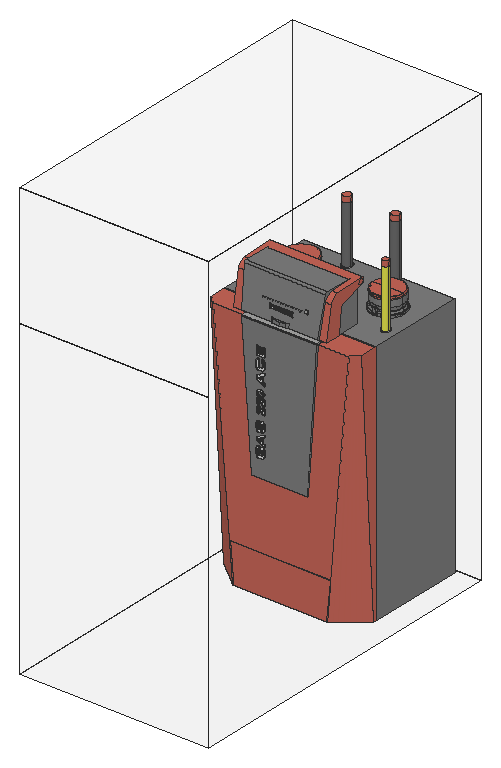
Revit family "Gas Ace 220_160_LOD-5", category Mechanical Equipment, Revit 2015
Parameters (values of type "160")
  Weekly = "0"
  Water Treatment Required = yes
  Water Content = 17.0 L
  Warranty ID = ""
  Voltage = 230 V
  Uniclass2015 = "Pr_60_60_08"
  URL = ""
  Type = "Space heating"
  Turndown Ratio = "4.7"
  Supply Phase = 1
  Starting Current = 0 A
  Sound Pressure Level = "58.7 dBA"
  Shipping Weight = 235.00 kg
  Shape = "Rectangular (Vertical)"
  Safety Valve Connection Type = "Unset"
  Safety Valve Connection Size = 0.00 mm
  Responsible Sourcing of Materials = "N/A"
  Responsible Extraction of Materials = "N/A"
  Reference Standard = "GAD 2009/142/EC BED 92/42/EEC EMC 2014/30/EU LVD 2014/35/EU ErP 2009/125/EC"
  Rated Output = 152100 W
  Rated Criteria = "80/60"
  Quarterly = "0"
  Product Range = "Gas 220 - 160"
  Product Model Number = "Not Available"
  Product Literature = "https://www.remeha.co.uk/-/media/Themes/RemehaUK/Documents/Current/Specification-guides/gas-220-ace-specification-guide.pdf"
  Primary Fuel = "Gas - NG"
  Overall Width = 800.00 mm
  Overall Length = 657.00 mm
  Overall Height = 1662.00 mm
  Optional Fuel = "Gas - LPG"
  Operation and Maintenance Manual = "https://www.remeha.co.uk/en/Products/Floor-Standing-Range/Gas-220-Ace"
  Oil Consumption rate = 0
  Nominal Oil Inlet Pressure = 0.00000 bar
  Nominal Gas Inlet Pressure = 0.02000 bar
  NOx Emissions = "36 mg/kWh"
  Mounting = "Floor Standing"
  Monthly = "0"
  Model = ""
  Minimum Power Consumption = 5.3 W
  Minimum Operating Pressure = 0.80000 bar
  Minimum Oil Inlet Pressure = 0.00000 bar
  Minimum Gas Inlet Pressure = 0.01700 bar
  Minimum Flow Rate at 20C temperature differential = 1.82 L/s
  Minimum Flow Rate at 11C temperature differential = 0.0 L/s
  Maximum Power Consumption = 275 W
  Maximum Operating Pressure = 5.00000 bar
  Maximum Oil Inlet Pressure = 0.00000 bar
  Maximum Gas Inlet Pressure = 0.02500 bar
  Material Ingredient Reporting = "N/A"
  Manufacturer Website = "https://www.remeha.co.uk/"
  Manufacturer = "Remeha Commercial"
  Maintenance Required 8001 to 12000hrs = "0"
  Maintenance Required 601 to 1000hrs = "0"
  Maintenance Required 4001 to 8000hrs = "0"
  Maintenance Required 301 to 600hrs = "0"
  Maintenance Required 2001 to 4000hrs = "0"
  Maintenance Required 1001 to 2000hrs = "0"
  Maintenance Required 0 to 300hrs = "0"
  Location of Manufacturer = "N/A"
  Life Cycle Analysis = "N/A"
  Interlocks = yes
  IfcExportType = "NOTDEFINED"  # constant formula
  IfcExportAs = "IfcBoilerType"  # constant formula
  IP Rating = "IPX1B"
  IK Rating = "0"
  Hydraulic Resistance at 20C temperature differential = 0.19000 bar
  Hydraulic Resistance at 11C temperature differential = 0.00000 bar
  Heater Operation = "Condensing"
  Heat Exchanger Material = "Aluminium"
  Gross Weight = 222.00 kg
  Green Guide for Specification = "N/A"
  Gas Consumption rate = "16.5 m3/h"
  Fuse Rating = 6.3 A
  Full Load Current = 0 A
  Fuel Connection Type = "Threaded"
  Fuel Connection Size = 25.40 mm
  Frequency = 50 Hz
  Flue or Air Intake Classification = "B23p, B33, C33, C43, C53, C63, C83, C89"
  Flue Connection size = 150.00 mm
  Flow and Return Connection Type = "Threaded"
  Flow and Return Connection Size = 31.75 mm
  Finish = "High Polish Gardner 60 GRAD 91EH"
  Features = "Remeha's Gas 220 Ace  is a compact high efficiency floor standing condensing boiler. The compact design make this boiler ideally suited to modular arrangements"
  External Material = "Steel"
  Expected Life = "15"
  ErP Seasonal Efficiency = "0 %"
  ErP Rated Efficiency at Part Load = "97.8 %"
  ErP Rated Efficiency at Full Load = "87.8 %"
  ErP Energy Label = "0"
  Environmental Product Declaration = "N/A"
  Energy Technology List = "0"
  Embodied Carbon = "N/A"
  Drain Connection Type = "Unset"
  Drain Connection Size = 19.05 mm
  Description = ""
  Daily = "0"
  Control Type = "0 - 10V, Open Therm, Volt free enable, Direct boiler weather compensating control systems available from Remeha as optional extra's."
  Configuration = "Single boiler"
  Condensate Drain Type = "Plain"
  Condensate Drain Size = 40.00 mm
  Colour = "RAL 2002 Red RAL7016 Dark Grey"
  Clearance Box Visibility [instance] = yes
  Classification.Uniclass.Pr.Number [instance] = "Pr_60_60_08_34"
  Classification.Uniclass.Pr.Description [instance] = "Gas fired Condensing Boilers"
  CE Mark = "0063CQ3781"
  Burner Control Type = "Modulating"
  Building Regulations Seasonal Efficiency = "95.9 %"
  Bespoke Timeframe = "0"
  BMS Links = yes
  Annually = "0"
  Air Inlet Connection Size = 150.00 mm
  Additional Technical Details = "https://www.remeha.co.uk/-/media/Themes/RemehaUK/Documents/Current/Technical-sheets/gas-220-ace-160-300-kw-technical-sheet.pdf"
  Access Clearance Top = 650.00 mm
  Access Clearance Right = 100.00 mm
  Access Clearance Rear = 50.00 mm
  Access Clearance Left = 100.00 mm
  Access Clearance Front = 1100.00 mm
  Access Clearance Bottom = 0.00 mm
  6 Monthly = "0"
Reference planes
  plane 1 "Center (Front/Back)": y = 0
  plane 2: z = 0
  plane 3 "Center (Left/Right)": x = 0
  plane 4: y = -657
  plane 5: x = -400
  plane 6: x = 400
  plane 7: z = 1329
  plane 8: z = 1662
  plane 9: z = 29
  plane 10: y = -231
  plane 11: y = -383
  plane 12: x = 229
  plane 13: x = -229
  plane 14: x = -304
  plane 15: y = -306.3
  plane 16: x = 304
  plane 17: y = -306.3
  plane 18: x = 338
  plane 19: x = 128
  plane 20: x = -128
  plane 21: x = -338
  plane 22: y = -56
  plane 23: z = 1637
  plane 24: z = 1330
  plane 25: z = 1582.574
  plane 26: y = -419.302
  plane 27: x = -246.5
  plane 28: x = 246.5
  plane 29: x = -216.5
  plane 30: x = 216.5
  plane 31: z = 1352.534
  plane 32: z = 991.968
  plane 33: x = -101.602
  plane 34: x = -247.5
  plane 35: z = 55
  plane 36: z = 55
  plane 37: x = -154
  plane 38: x = 154
  plane 39: x = -309.433
  plane 40: z = 84
  plane 41 "Drain": x = -280
  plane 42: y = 50
Forms (mm)
  Extrusion 1, solid, material "Color RGB 190-040-018"
    sketch origin (0, 0, 0) x (1, 0, 0) y (0, 0, 1)
      loop
        line (-400, 1329) -> (-400, 29) -> (400, 29) -> (400, 1329) -> (-400, 1329)
    from 526.39 to 657
  Blend 2, void
    base sketch origin (0, 0, 0) x (1, 0, 0) y (0, 1, 0)
      loop
        line (-400, -657) -> (-250, -657) -> (-400, -535.532) -> (-400, -657)
    top sketch origin (0, 0, 0) x (1, 0, 0) y (0, 1, 0)
      loop
        line (-400, -657) -> (-360, -657) -> (-400, -617) -> (-400, -657)
    from 29 to 1329
  Blend 3, void
    base sketch origin (0, 0, 0) x (-1, 0, 0) y (0, -1, 0)
      loop
        line (-400, 657) -> (-400, 535.532) -> (-250, 657) -> (-400, 657)
    top sketch origin (0, 0, 0) x (-1, 0, 0) y (0, -1, 0)
      loop
        line (-400, 657) -> (-400, 617) -> (-360, 657) -> (-400, 657)
    from 29 to 1329
  Extrusion 4, void
    sketch origin (0, 0, 0) x (1, 0, 0) y (0, 0, 1)
      loop
        line (-267.325, 233.746) -> (-250.014, 29.169) -> (-248.007, 29.169) -> (-265.148, 231.746) -> (265.148, 231.746) -> (247.993, 29) -> (250, 29) -> (267.325, 233.746) -> (-267.325, 233.746)
    from 634.523 to 657
  Extrusion 5, solid, material "Color RGB 080-080-080"
    sketch origin (0, 0, 0) x (1, 0, 0) y (0, 1, 0)
      loop
        line (-400, 0) -> (-400, -526.39) -> (400, -526.39) -> (400, 0) -> (-400, 0)
    from 200.499 to 1329
  Extrusion 6, solid, material "Color RGB 080-080-080"
    sketch origin (0, 0, 0) x (1, 0, 0) y (0, 0, 1)
      loop
        line (198.921, 1329) -> (0, 1329) -> (-198.921, 1329) -> (-147.301, 590.803) -> (147.301, 590.803) -> (198.921, 1329)
      loop
        arc (-93.982, 684.046) -> (-85.29, 687.232) -> (-80.717, 695.281) r 13.448
        line (-80.717, 695.281) -> (-80.115, 698.888) -> (-80, 702.988) -> (-80, 728.206)
        arc (-80, 728.206) -> (-83.13, 735.762) -> (-90.686, 738.892) r 10.686
        line (-90.686, 738.892) -> (-94.011, 738.892) -> (-104.813, 738.892) -> (-104.813, 709.936) -> (-96.035, 709.936) -> (-96.035, 725.984)
        arc (-96.035, 725.984) -> (-91.935, 724.658) -> (-90.181, 720.722) r 5.292
        line (-90.181, 720.722) -> (-90.181, 703.318)
        arc (-90.181, 703.318) -> (-91.955, 699.033) -> (-96.24, 697.258) r 6.059
        line (-96.24, 697.258) -> (-107.064, 697.258)
        arc (-107.064, 697.258) -> (-111.348, 699.033) -> (-113.123, 703.318) r 6.059
        line (-113.123, 703.318) -> (-113.123, 723.353)
        arc (-113.123, 723.353) -> (-111.339, 725.862) -> (-108.384, 724.999) r 2.655
        line (-108.384, 724.999) -> (-108.384, 738.658) -> (-112.644, 738.658)
        arc (-112.644, 738.658) -> (-120.184, 735.535) -> (-123.308, 727.994) r 10.664
        line (-123.308, 727.994) -> (-123.308, 702.694) -> (-123.034, 696.854)
        arc (-123.034, 696.854) -> (-118.872, 687.729) -> (-109.561, 684) r 13.487
        line (-109.561, 684) -> (-93.982, 684.046)
      loop
        line (-80.468, 742.529) -> (-80.468, 756.952) -> (-87.959, 760.736) -> (-87.959, 786.898) -> (-80.467, 790.911) -> (-80.467, 805.276) -> (-122.84, 782.129) -> (-122.84, 765.321) -> (-80.468, 742.529)
      loop
        line (-97.087, 782.07) -> (-113.006, 773.698) -> (-97.087, 765.559) -> (-97.087, 782.07)
      loop
        line (-94.335, 821.996) -> (-94.335, 809.423)
        arc (-94.335, 809.423) -> (-90.484, 808.619) -> (-86.694, 809.672) r 8.335
        line (-86.694, 809.672) -> (-83.423, 811.497) -> (-81.369, 814.676) -> (-80.304, 819.321) -> (-79.999, 825.545) -> (-79.999, 841.184) -> (-80.285, 849.955)
        arc (-80.285, 849.955) -> (-93.422, 863.092) -> (-106.559, 849.955) r 13.137
        line (-106.559, 849.955) -> (-106.8, 837.459) -> (-106.813, 830.544) -> (-107.046, 825.766)
        arc (-107.046, 825.766) -> (-110.321, 822.155) -> (-113.824, 825.546) r 3.393
        line (-113.824, 825.546) -> (-113.824, 843.718)
        arc (-113.824, 843.718) -> (-112.498, 846.623) -> (-109.435, 847.527) r 3.848
        line (-109.435, 847.527) -> (-109.435, 860.166)
        arc (-109.435, 860.166) -> (-112.188, 860.623) -> (-114.94, 860.166) r 8.532
        line (-114.94, 860.166) -> (-118.403, 858.986) -> (-121.04, 856.31) -> (-122.718, 851.557) -> (-123.307, 844.149) -> (-123.307, 826.126) -> (-122.632, 818.108)
        arc (-122.632, 818.108) -> (-110.144, 808.063) -> (-97.656, 818.108) r 12.785
        line (-97.656, 818.108) -> (-96.97, 830.778) -> (-96.916, 839.051) -> (-96.652, 844.348)
        arc (-96.652, 844.348) -> (-93.065, 847.935) -> (-89.479, 844.348) r 3.587
        line (-89.479, 844.348) -> (-89.479, 827.579)
        arc (-89.479, 827.579) -> (-90.863, 823.879) -> (-94.335, 821.996) r 5.637
      loop
        line (-80.467, 894.562) -> (-80.467, 928.774) -> (-90.101, 928.774) -> (-90.101, 911.338) -> (-95.872, 918.465) -> (-102.827, 925.924)
        arc (-102.827, 925.924) -> (-113.845, 928.876) -> (-121.328, 920.268) r 10.762
        arc (-121.328, 920.268) -> (-121.467, 910.072) -> (-118.715, 900.253) r 35.665
        arc (-118.715, 900.253) -> (-117.686, 898.792) -> (-116.174, 897.837) r 4.57
        line (-116.174, 897.837) -> (-109.842, 895.405) -> (-109.842, 907.63)
        arc (-109.842, 907.63) -> (-114.48, 914.715) -> (-106.118, 916.051) r 5.045
        line (-106.118, 916.051) -> (-90.101, 898.262) -> (-80.467, 894.562)
      loop
        line (-109.842, 936.604) -> (-109.842, 948.83)
        arc (-109.842, 948.83) -> (-114.48, 955.915) -> (-106.118, 957.25) r 5.045
        line (-106.118, 957.25) -> (-90.101, 939.461) -> (-80.467, 935.761) -> (-80.467, 969.974) -> (-90.101, 969.974) -> (-90.101, 952.537) -> (-95.872, 959.664) -> (-102.827, 967.123)
        arc (-102.827, 967.123) -> (-113.845, 970.075) -> (-121.328, 961.467) r 10.762
        arc (-121.328, 961.467) -> (-121.467, 951.271) -> (-118.715, 941.452) r 35.665
        arc (-118.715, 941.452) -> (-117.686, 939.991) -> (-116.174, 939.036) r 4.57
        line (-116.174, 939.036) -> (-109.842, 936.604)
      loop
        spline (-123.206, 991.968) -> (-122.47, 987.662) -> (-120.312, 983.65) -> (-116.879, 980.204) -> (-112.404, 977.56) -> (-107.194, 975.898) -> (-101.602, 975.332) -> (-96.011, 975.898) -> (-90.8, 977.56) -> (-86.326, 980.204) -> (-82.892, 983.65) -> (-80.734, 987.662) -> (-79.998, 991.968)
        spline (-79.998, 991.968) -> (-80.734, 996.274) -> (-82.892, 1000.287) -> (-86.326, 1003.732) -> (-90.8, 1006.376) -> (-96.011, 1008.038) -> (-101.602, 1008.605) -> (-107.194, 1008.038) -> (-112.404, 1006.376) -> (-116.879, 1003.732) -> (-120.312, 1000.287) -> (-122.47, 996.274) -> (-123.206, 991.968)
      loop
        line (-122.84, 1057.204) -> (-80.468, 1034.412) -> (-80.468, 1048.836) -> (-87.959, 1052.619) -> (-87.959, 1078.781) -> (-80.467, 1082.794) -> (-80.467, 1097.159) -> (-122.84, 1074.012) -> (-122.84, 1057.204)
      loop
        line (-97.087, 1073.954) -> (-113.006, 1065.581) -> (-97.087, 1057.442) -> (-97.087, 1073.954)
      loop
        line (-90.88, 1138.913) -> (-90.88, 1121.46)
        arc (-90.88, 1121.46) -> (-92.655, 1117.175) -> (-96.939, 1115.401) r 6.059
        line (-96.939, 1115.401) -> (-106.36, 1115.401)
        arc (-106.36, 1115.401) -> (-110.645, 1117.175) -> (-112.419, 1121.46) r 6.059
        line (-112.419, 1121.46) -> (-112.419, 1138.573)
        arc (-112.419, 1138.573) -> (-110.945, 1142.131) -> (-107.387, 1143.605) r 5.032
        line (-107.387, 1143.605) -> (-107.387, 1156.379) -> (-111.187, 1156.379)
        arc (-111.187, 1156.379) -> (-119.756, 1152.83) -> (-123.306, 1144.261) r 12.118
        line (-123.306, 1144.261) -> (-123.306, 1114.265)
        arc (-123.306, 1114.265) -> (-119.757, 1105.696) -> (-111.187, 1102.146) r 12.118
        line (-111.187, 1102.146) -> (-92.116, 1102.146)
        arc (-92.116, 1102.146) -> (-83.547, 1105.696) -> (-79.998, 1114.265) r 12.118
        line (-79.998, 1114.265) -> (-79.998, 1144.92)
        arc (-79.998, 1144.92) -> (-83.547, 1153.489) -> (-92.116, 1157.038) r 12.118
        line (-92.116, 1157.038) -> (-96.735, 1157.038) -> (-96.735, 1144.26)
        arc (-96.735, 1144.26) -> (-92.629, 1142.878) -> (-90.88, 1138.913) r 5.369
      loop
        line (-80.466, 1168.716) -> (-80.466, 1215.523) -> (-90.646, 1215.523) -> (-90.647, 1181.624) -> (-97.313, 1181.624) -> (-97.313, 1213.022) -> (-106.214, 1213.022) -> (-106.214, 1181.624) -> (-113.004, 1181.624) -> (-113.004, 1214.617) -> (-122.838, 1214.617) -> (-122.838, 1168.716) -> (-80.466, 1168.716)
      loop
        spline (-115.232, 991.968) -> (-114.767, 990.266) -> (-113.406, 988.68) -> (-111.24, 987.318) -> (-108.417, 986.273) -> (-105.13, 985.616) -> (-101.602, 985.392) -> (-98.074, 985.616) -> (-94.787, 986.273) -> (-91.964, 987.318) -> (-89.798, 988.68) -> (-88.437, 990.266) -> (-87.972, 991.968)
        spline (-87.972, 991.968) -> (-88.437, 993.67) -> (-89.798, 995.257) -> (-91.964, 996.619) -> (-94.787, 997.664) -> (-98.074, 998.321) -> (-101.602, 998.545) -> (-105.13, 998.321) -> (-108.417, 997.664) -> (-111.24, 996.619) -> (-113.406, 995.257) -> (-114.767, 993.67) -> (-115.232, 991.968)
    from 657 to 662.984
  Extrusion 7, solid, material "Color RGB 045-045-045"
    sketch origin (0, 0, 1.875) x (1, 0, 0) y (0, 0, 1)
      loop
        circle (-335.233, 53.125) r 55
      loop
        circle (335.233, 53.125) r 55
    from 17.956 to 37.042
  Extrusion 8, solid, material "Color RGB 045-045-045"
    sketch origin (0, -477.306, 2.5) x (1, 0, 0) y (0, 0, 1)
      loop
        circle (-335.233, 52.5) r 55
      loop
        circle (335.233, 52.5) r 55
    from 17.956 to 37.042
  Extrusion 9, solid, material "Color RGB 080-080-080"
    sketch origin (206, 0, 253.323) x (1, 0, 0) y (0, 0, 1)
      loop
        circle (-435, 1100.199) r 10
    from 314.191 to 321.3
  Revolve 10, solid, material "Color RGB 080-080-080"
    sketch origin (-859.279, -231, 1200) x (-1, 0, 0) y (0, 0, 1)
      loop
        line (-541.139, 129) -> (-541.139, 137)
        arc (-541.139, 137) -> (-541.725, 138.414) -> (-543.139, 139) r 2
        line (-543.139, 139) -> (-545.639, 139)
        arc (-545.639, 139) -> (-545.992, 139.146) -> (-546.139, 139.5) r 0.5
        line (-546.139, 139.5) -> (-553.152, 151.647) -> (-553.152, 156.647) -> (-549.831, 173.167) -> (-549.831, 218.392) -> (-555.279, 218.392) -> (-555.279, 129) -> (-541.139, 129)
      axis (-630.279, 129) -> (-630.279, 218.392)
    angle from 0 to 360
  Extrusion 11, solid, material "Color RGB 080-080-080"
    sketch origin (206, -125, 1328.323) x (0, 0, 1) y (-1, 0, 0)
      loop
        circle (25.199, 435) r 10
      loop
        circle (25.199, 435) r 12
    from 189.191 to 181.3
  Revolve 12, solid, material "Color RGB 080-080-080"
    sketch origin (859.279, -231, 1200) x (1, 0, 0) y (0, 0, -1)
      loop
        line (-541.139, -129) -> (-555.279, -129) -> (-555.279, -218.392) -> (-549.831, -218.392) -> (-549.831, -173.167) -> (-553.152, -156.647) -> (-553.152, -151.647) -> (-546.139, -139.5)
        arc (-546.139, -139.5) -> (-545.992, -139.146) -> (-545.639, -139) r 0.5
        line (-545.639, -139) -> (-543.139, -139)
        arc (-543.139, -139) -> (-541.725, -138.414) -> (-541.139, -137) r 2
        line (-541.139, -137) -> (-541.139, -129)
      axis (-630.279, -129) -> (-630.279, -218.392)
    angle from 0 to 360
  Extrusion 13, solid, material "Color RGB 080-080-080"
    sketch origin (-206, 0, 253.323) x (-1, 0, 0) y (0, 0, -1)
      loop
        circle (-435, -1100.199) r 10
    from 314.191 to 321.3
  Extrusion 14, solid, material "Color RGB 080-080-080"
    sketch origin (-206, -125, 1328.323) x (0, 0, 1) y (-1, 0, 0)
      loop
        circle (25.199, -435) r 10
      loop
        circle (25.199, -435) r 12
    from 189.191 to 181.3
  Extrusion 15, solid, material "Color RGB 045-045-045"
    sketch origin (0, 0, 0) x (1, 0, 0) y (0, 1, 0)
      loop
        circle (128, -56) r 21.2
      loop
        circle (-128, -56) r 21.2
    from 1330 to 1637
  Extrusion 16, solid, material "Color RGB 190-040-018"
    sketch origin (0, 0, 0) x (1, 0, 0) y (0, 1, 0)
      loop
        circle (-128, -56) r 21.2
      loop
        circle (128, -56) r 21.2
    from 1637 to 1662
  Extrusion 17, solid, material "Color RGB 235-235-000"
    sketch origin (0, 0, 0) x (1, 0, 0) y (0, 1, 0)
      loop
        circle (338, -383) r 16.9
    from 1330 to 1637
  Extrusion 18, solid, material "Color RGB 190-040-018"
    sketch origin (0, 0, 0) x (1, 0, 0) y (0, 1, 0)
      loop
        circle (338, -383) r 16.9
    from 1637 to 1662
  Revolve 19, solid, material "Color RGB 190-040-018"
    sketch origin (-859.279, -231, 1200) x (-1, 0, 0) y (0, 0, 1)
      loop
        line (-630.279, 224) -> (-709.758, 224) -> (-710.947, 222.811) -> (-710.947, 212.317) -> (-712.327, 212.317) -> (-712.327, 210.921) -> (-630.279, 210.921) -> (-630.279, 224)
      axis (-630.279, 224) -> (-630.279, 210.921)
    angle from 0 to 360
  Extrusion 20, solid, material "Color RGB 080-080-080"
    sketch origin (0, 0, 0) x (0, 1, 0) y (0, 0, 1)
      loop
        line (-419.302, 1329) -> (-419.302, 1535.857) -> (-554.708, 1491.861)
        arc (-554.708, 1491.861) -> (-561.232, 1486.989) -> (-564.25, 1479.426) r 15
        line (-564.25, 1479.426) -> (-580.06, 1329) -> (-419.302, 1329)
    from -216.5 to 216.5
  Extrusion 21, solid, material "Color RGB 190-040-018"
    sketch origin (0, 0, 0) x (0, 1, 0) y (0, 0, 1)
      loop
        line (-419.302, 1564) -> (-582.762, 1558.292)
        arc (-582.762, 1558.292) -> (-610.714, 1547.281) -> (-625.508, 1521.133) r 45
        line (-625.508, 1521.133) -> (-655.237, 1352.534) -> (-577.587, 1352.534) -> (-564.25, 1479.426)
        arc (-564.25, 1479.426) -> (-561.232, 1486.989) -> (-554.708, 1491.861) r 15
        line (-554.708, 1491.861) -> (-419.302, 1535.857) -> (-419.302, 1564)
    from -246.5 to 246.5
  Extrusion 22, solid, material "Color RGB 080-080-080"
    sketch origin (0, 0, 0) x (0, 1, 0) y (0, 0, 1)
      loop
        line (-469.298, 1562.254) -> (-614.529, 1566.15)
        arc (-614.529, 1566.15) -> (-621.245, 1563.858) -> (-624.835, 1557.735) r 10.188
        line (-624.835, 1557.735) -> (-661.018, 1352.534) -> (-655.237, 1352.534) -> (-625.508, 1521.133)
        arc (-625.508, 1521.133) -> (-610.714, 1547.281) -> (-582.762, 1558.292) r 45
        line (-582.762, 1558.292) -> (-469.298, 1562.254)
    from -249 to 250
  Extrusion 23, void
    sketch origin (0, 0, 0) x (1, 0, 0) y (0, 0, 1)
      loop
        line (215.787, 1570.194) -> (198.921, 1329) -> (273.958, 1329) -> (273.958, 1570.194) -> (215.787, 1570.194)
      loop
        line (-215.787, 1570.194) -> (-273.958, 1570.194) -> (-273.958, 1329) -> (-198.921, 1329) -> (-215.787, 1570.194)
    from 419.302 to 676.602
  Extrusion 24, void
    sketch origin (0, 0, -25) x (1, 0, 0) y (0, 0, 1)
      loop
        line (-102.145, 1475.281) -> (-102.145, 1470.281) -> (102.145, 1470.281) -> (102.145, 1475.281) -> (-102.145, 1475.281)
    from 644.188 to 677.689
  Extrusion 25, solid, material "Color RGB 080-080-080"
    sketch origin (0, 0.625, 0) x (1, 0, 0) y (0, 1, 0)
      loop
        line (0, -657.625) -> (-45.359, -657.625) -> (-36.015, -666.969)
        arc (-36.015, -666.969) -> (-35.366, -667.402) -> (-34.601, -667.555) r 2
        line (-34.601, -667.555) -> (0, -667.555) -> (34.601, -667.555)
        arc (34.601, -667.555) -> (35.366, -667.402) -> (36.015, -666.969) r 2
        line (36.015, -666.969) -> (45.359, -657.625) -> (0, -657.625)
    from 1373.167 to 1352.534
  Extrusion 26, solid, material "Color RGB 235-235-235"
    sketch origin (-44.085, -9.833, 1305.622) x (1, 0, 0) y (0, 0.156434, 0.987688)
      loop
        line (-15.915, 23.933) -> (-15.915, 21.574) -> (100.023, 21.574) -> (100.023, 23.933) -> (-15.915, 23.933)
      loop
        line (-15.915, 2.368) -> (-15.915, 0) -> (100.023, 0) -> (100.023, 2.368) -> (-15.915, 2.368)
      loop
        line (-7.55, 16.548) -> (-7.55, 7.385) -> (0.456, 7.385) -> (0.456, 16.548) -> (-7.55, 16.548)
      loop
        line (-10.633, 19.602) -> (-10.633, 4.34) -> (3.539, 4.34) -> (3.539, 10.445) -> (6.606, 10.445)
        arc (6.606, 10.445) -> (8.137, 9.954) -> (9.096, 8.664) r 2.632
        line (9.096, 8.664) -> (10.573, 4.34) -> (14.226, 4.331) -> (12.014, 9.646)
        arc (12.014, 9.646) -> (11.484, 10.708) -> (10.812, 11.686) r 8.599
        arc (10.812, 11.686) -> (13.696, 16.127) -> (9.7, 19.602) r 4.036
        line (9.7, 19.602) -> (-10.633, 19.602)
      loop
        line (3.539, 16.548) -> (3.539, 13.489) -> (8.986, 13.489)
        arc (8.986, 13.489) -> (10.516, 15.019) -> (8.986, 16.548) r 1.529
        line (8.986, 16.548) -> (3.539, 16.548)
      loop
        line (24.358, 15.212) -> (24.358, 4.335) -> (27.412, 4.335) -> (27.412, 9.994)
        arc (27.412, 9.994) -> (28.404, 12.196) -> (30.711, 12.913) r 2.94
        line (30.711, 12.913) -> (30.711, 15.47)
        arc (30.711, 15.47) -> (28.818, 15.212) -> (27.282, 14.076) r 3.85
        line (27.282, 14.076) -> (27.282, 15.212) -> (24.358, 15.212)
      loop
        arc (39.556, 11.064) -> (37.154, 12.927) -> (34.752, 11.064) r 2.48
        line (34.752, 11.064) -> (39.556, 11.064)
      loop
        line (34.639, 9.003) -> (42.683, 9.003)
        arc (42.683, 9.003) -> (37.246, 15.375) -> (31.809, 9.003) r 5.506
        arc (31.809, 9.003) -> (36.775, 4.075) -> (42.683, 7.823) r 5.609
        line (42.683, 7.823) -> (39.475, 7.823)
        arc (39.475, 7.823) -> (36.614, 6.602) -> (34.639, 9.003) r 2.594
      loop
        line (44.304, 4.337) -> (47.307, 4.337) -> (47.307, 10.965)
        arc (47.307, 10.965) -> (49.045, 12.703) -> (50.783, 10.965) r 1.738
        line (50.783, 10.965) -> (50.783, 4.324) -> (53.824, 4.324) -> (53.824, 10.85)
        arc (53.824, 10.85) -> (55.606, 12.632) -> (57.388, 10.85) r 1.782
        line (57.388, 10.85) -> (57.388, 4.324) -> (60.429, 4.324) -> (60.429, 11.851)
        arc (60.429, 11.851) -> (57.692, 15.455) -> (53.486, 13.787) r 3.741
        arc (53.486, 13.787) -> (50.43, 15.415) -> (47.177, 14.228) r 4.249
        line (47.177, 14.228) -> (47.177, 15.214) -> (44.304, 15.214) -> (44.304, 4.337)
      loop
        arc (69.683, 11.064) -> (67.281, 12.927) -> (64.88, 11.064) r 2.48
        line (64.88, 11.064) -> (69.683, 11.064)
      loop
        line (64.766, 9.003) -> (72.81, 9.003)
        arc (72.81, 9.003) -> (67.373, 15.375) -> (61.936, 9.003) r 5.506
        arc (61.936, 9.003) -> (66.902, 4.075) -> (72.81, 7.823) r 5.609
        line (72.81, 7.823) -> (69.602, 7.823)
        arc (69.602, 7.823) -> (66.742, 6.602) -> (64.766, 9.003) r 2.594
      loop
        line (74.422, 4.337) -> (77.462, 4.337) -> (77.462, 10.464)
        arc (77.462, 10.464) -> (79.208, 12.386) -> (81.287, 10.832) r 1.93
        line (81.287, 10.832) -> (81.287, 4.337) -> (84.328, 4.337) -> (84.328, 11.653)
        arc (84.328, 11.653) -> (81.802, 15.331) -> (77.462, 14.296) r 3.942
        line (77.462, 14.296) -> (77.462, 19.383) -> (74.422, 19.383) -> (74.422, 4.337)
      loop
        arc (95.784, 12.354) -> (95.16, 13.909) -> (93.822, 14.918) r 3.124
        arc (93.822, 14.918) -> (92.796, 15.2) -> (91.745, 15.359) r 9.034
        arc (91.745, 15.359) -> (90.692, 15.424) -> (89.639, 15.359) r 8.608
        arc (89.639, 15.359) -> (88.55, 15.088) -> (87.559, 14.561) r 4.613
        arc (87.559, 14.561) -> (87.064, 14.061) -> (86.663, 13.482) r 4.017
        arc (86.663, 13.482) -> (86.273, 12.61) -> (86.012, 11.691) r 6.705
        line (86.012, 11.691) -> (88.975, 11.7)
        arc (88.975, 11.7) -> (89.323, 12.453) -> (90.004, 12.927) r 1.58
        arc (90.004, 12.927) -> (90.999, 13.122) -> (92.008, 13.022) r 3.46
        arc (92.008, 13.022) -> (92.743, 12.024) -> (91.907, 11.11) r 0.975
        line (91.907, 11.11) -> (89.009, 10.699)
        arc (89.009, 10.699) -> (86.71, 9.449) -> (85.792, 6.999) r 3.742
        arc (85.792, 6.999) -> (86.094, 5.779) -> (86.932, 4.842) r 2.605
        arc (86.932, 4.842) -> (89.985, 4.17) -> (92.914, 5.26) r 5.532
        line (92.914, 5.26) -> (93.178, 4.346) -> (96.197, 4.346) -> (95.784, 6.47) -> (95.784, 12.354)
      loop
        line (92.845, 9.629) -> (89.315, 8.609)
        arc (89.315, 8.609) -> (88.866, 7.99) -> (88.785, 7.229) r 1.489
        arc (88.785, 7.229) -> (89.225, 6.447) -> (90.072, 6.149) r 1.274
        arc (90.072, 6.149) -> (90.865, 6.342) -> (91.638, 6.602) r 9.564
        arc (91.638, 6.602) -> (92.433, 7.212) -> (92.768, 8.157) r 1.764
        line (92.768, 8.157) -> (92.845, 9.629)
    from 644.727 to 648.528
  Extrusion 27, solid, material "Color RGB 235-235-235"
    sketch origin (140.559, 4.633, 757.153) x (0, 0, 1) y (-1, 0, 0)
      loop
        arc (-73.153, 234.541) -> (-69.921, 225.849) -> (-61.872, 221.276) r 13.448
        line (-61.872, 221.276) -> (-58.265, 220.674) -> (-54.165, 220.559) -> (-28.947, 220.559)
        arc (-28.947, 220.559) -> (-21.391, 223.689) -> (-18.261, 231.245) r 10.686
        line (-18.261, 231.245) -> (-18.261, 234.57) -> (-18.261, 245.372) -> (-47.216, 245.372) -> (-47.216, 236.595) -> (-31.169, 236.594)
        arc (-31.169, 236.594) -> (-32.495, 232.494) -> (-36.431, 230.74) r 5.292
        line (-36.431, 230.74) -> (-53.835, 230.74)
        arc (-53.835, 230.74) -> (-58.12, 232.515) -> (-59.894, 236.799) r 6.059
        line (-59.894, 236.799) -> (-59.894, 247.623)
        arc (-59.894, 247.623) -> (-58.12, 251.907) -> (-53.835, 253.682) r 6.059
        line (-53.835, 253.682) -> (-33.8, 253.682)
        arc (-33.8, 253.682) -> (-31.291, 251.898) -> (-32.154, 248.943) r 2.655
        line (-32.154, 248.943) -> (-18.495, 248.943) -> (-18.495, 253.203)
        arc (-18.495, 253.203) -> (-21.618, 260.743) -> (-29.159, 263.867) r 10.664
        line (-29.159, 263.867) -> (-54.459, 263.867) -> (-60.299, 263.593)
        arc (-60.299, 263.593) -> (-69.424, 259.431) -> (-73.153, 250.12) r 13.487
        line (-73.153, 250.12) -> (-73.153, 234.541)
      loop
        line (-14.624, 221.027) -> (-0.2, 221.027) -> (3.583, 228.518) -> (29.745, 228.518) -> (33.758, 221.026) -> (48.123, 221.026) -> (24.976, 263.399) -> (8.168, 263.399) -> (-14.624, 221.027)
      loop
        line (24.918, 237.646) -> (16.545, 253.565) -> (8.406, 237.646) -> (24.918, 237.646)
      loop
        line (84.031, 220.559) -> (92.802, 220.844)
        arc (92.802, 220.844) -> (105.939, 233.981) -> (92.802, 247.118) r 13.137
        line (92.802, 247.118) -> (80.306, 247.359) -> (73.391, 247.372) -> (68.614, 247.605)
        arc (68.614, 247.605) -> (65.002, 250.88) -> (68.393, 254.383) r 3.393
        line (68.393, 254.383) -> (86.565, 254.383)
        arc (86.565, 254.383) -> (89.471, 253.057) -> (90.374, 249.994) r 3.848
        line (90.374, 249.994) -> (103.013, 249.994)
        arc (103.013, 249.994) -> (103.47, 252.747) -> (103.013, 255.499) r 8.532
        line (103.013, 255.499) -> (101.833, 258.962) -> (99.157, 261.599) -> (94.405, 263.278) -> (86.996, 263.866) -> (68.973, 263.866) -> (60.955, 263.191)
        arc (60.955, 263.191) -> (50.911, 250.703) -> (60.955, 238.215) r 12.785
        line (60.955, 238.215) -> (73.625, 237.529) -> (81.898, 237.475) -> (87.195, 237.211)
        arc (87.195, 237.211) -> (90.782, 233.624) -> (87.195, 230.038) r 3.587
        line (87.195, 230.038) -> (70.426, 230.038)
        arc (70.426, 230.038) -> (66.726, 231.422) -> (64.843, 234.894) r 5.637
        line (64.843, 234.894) -> (52.27, 234.894)
        arc (52.27, 234.894) -> (51.466, 231.043) -> (52.519, 227.253) r 8.335
        line (52.519, 227.253) -> (54.344, 223.983) -> (57.523, 221.929) -> (62.169, 220.863) -> (68.393, 220.559) -> (84.031, 220.559)
      loop
        line (411.563, 263.398) -> (411.563, 221.025) -> (458.37, 221.025) -> (458.37, 231.206) -> (424.471, 231.206) -> (424.471, 237.872) -> (455.869, 237.872) -> (455.869, 246.773) -> (424.471, 246.773) -> (424.471, 253.563) -> (457.464, 253.563) -> (457.464, 263.397) -> (411.563, 263.398)
      loop
        line (138.252, 250.401) -> (150.477, 250.401)
        arc (150.477, 250.401) -> (157.563, 255.04) -> (158.898, 246.677) r 5.045
        line (158.898, 246.677) -> (141.109, 230.66) -> (137.409, 221.026) -> (171.622, 221.026) -> (171.622, 230.66) -> (154.185, 230.66) -> (161.312, 236.431) -> (168.771, 243.386)
        arc (168.771, 243.386) -> (171.723, 254.404) -> (163.115, 261.887) r 10.762
        arc (163.115, 261.887) -> (152.919, 262.026) -> (143.1, 259.274) r 35.665
        arc (143.1, 259.274) -> (141.639, 258.245) -> (140.684, 256.733) r 4.57
        line (140.684, 256.733) -> (138.252, 250.401)
      loop
        line (179.451, 250.401) -> (191.677, 250.401)
        arc (191.677, 250.401) -> (198.762, 255.04) -> (200.097, 246.677) r 5.045
        line (200.097, 246.677) -> (182.308, 230.66) -> (178.608, 221.026) -> (212.821, 221.026) -> (212.821, 230.66) -> (195.384, 230.66) -> (202.511, 236.431) -> (209.97, 243.386)
        arc (209.97, 243.386) -> (212.922, 254.404) -> (204.314, 261.887) r 10.762
        arc (204.314, 261.887) -> (194.118, 262.026) -> (184.3, 259.274) r 35.665
        arc (184.3, 259.274) -> (182.838, 258.245) -> (181.883, 256.733) r 4.57
        line (181.883, 256.733) -> (179.451, 250.401)
      loop
        line (277.259, 221.027) -> (291.683, 221.027) -> (295.466, 228.518) -> (321.628, 228.518) -> (325.641, 221.026) -> (340.006, 221.026) -> (316.859, 263.399) -> (300.052, 263.399) -> (277.259, 221.027)
      loop
        line (316.801, 237.646) -> (308.428, 253.565) -> (300.289, 237.646) -> (316.801, 237.646)
      loop
        arc (357.112, 263.865) -> (348.543, 260.316) -> (344.993, 251.747) r 12.118
        line (344.993, 251.747) -> (344.993, 232.675)
        arc (344.993, 232.675) -> (348.543, 224.106) -> (357.112, 220.557) r 12.118
        line (357.112, 220.557) -> (387.767, 220.557)
        arc (387.767, 220.557) -> (396.336, 224.106) -> (399.885, 232.675) r 12.118
        line (399.885, 232.675) -> (399.885, 237.294) -> (387.107, 237.294)
        arc (387.107, 237.294) -> (385.725, 233.188) -> (381.761, 231.439) r 5.369
        line (381.761, 231.439) -> (364.307, 231.439)
        arc (364.307, 231.439) -> (360.022, 233.214) -> (358.248, 237.498) r 6.059
        line (358.248, 237.498) -> (358.248, 246.919)
        arc (358.248, 246.919) -> (360.023, 251.204) -> (364.307, 252.978) r 6.059
        line (364.307, 252.978) -> (381.42, 252.978)
        arc (381.42, 252.978) -> (384.978, 251.504) -> (386.452, 247.946) r 5.032
        line (386.452, 247.946) -> (399.226, 247.946) -> (399.226, 251.746)
        arc (399.226, 251.746) -> (395.677, 260.315) -> (387.108, 263.865) r 12.118
        line (387.108, 263.865) -> (357.112, 263.865)
      loop
        spline (234.815, 263.765) -> (230.509, 263.029) -> (226.497, 260.871) -> (223.051, 257.438) -> (220.408, 252.963) -> (218.746, 247.753) -> (218.179, 242.161) -> (218.746, 236.57) -> (220.408, 231.359) -> (223.051, 226.885) -> (226.497, 223.451) -> (230.509, 221.293) -> (234.815, 220.557)
        spline (234.815, 220.557) -> (239.121, 221.293) -> (243.134, 223.451) -> (246.579, 226.885) -> (249.223, 231.359) -> (250.885, 236.57) -> (251.452, 242.161) -> (250.885, 247.753) -> (249.223, 252.963) -> (246.579, 257.438) -> (243.134, 260.871) -> (239.121, 263.029) -> (234.815, 263.765)
      loop
        spline (234.815, 228.531) -> (236.518, 228.996) -> (238.104, 230.357) -> (239.466, 232.523) -> (240.511, 235.346) -> (241.168, 238.634) -> (241.392, 242.161) -> (241.168, 245.689) -> (240.511, 248.976) -> (239.466, 251.799) -> (238.104, 253.965) -> (236.518, 255.327) -> (234.815, 255.791)
        spline (234.815, 255.791) -> (233.113, 255.327) -> (231.527, 253.965) -> (230.165, 251.799) -> (229.12, 248.976) -> (228.463, 245.689) -> (228.239, 242.161) -> (228.463, 238.634) -> (229.12, 235.346) -> (230.165, 232.523) -> (231.527, 230.357) -> (233.113, 228.996) -> (234.815, 228.531)
    from 661.633 to 667.616
  Extrusion 28, void
    sketch origin (0, 0, 0) x (0, 1, 0) y (0, 0, 1)
      loop
        line (-644.475, 1432.316) -> (-648.535, 1432.316) -> (-653.164, 1406.064) -> (-648.164, 1406.064) -> (-644.475, 1432.316)
    from -63.024 to 60.504
  Extrusion 29, solid, material "Color RGB 190-040-018"
    sketch origin (0, 0, 0) x (0, 1, 0) y (0, 0, 1)
      loop
        circle (-434.79, 1547.079) r 11.549
    from -246.5 to -247.5
  Extrusion 30, solid, material "Color RGB 190-040-018"
    sketch origin (0, 0, 0) x (0, 1, 0) y (0, 0, -1)
      loop
        circle (-434.79, -1547.079) r 11.549
    from -246.5 to -247.5
  Extrusion 31, solid, material "Color RGB 080-080-080"
    sketch origin (0, 0, 0) x (1, 0, 0) y (0, 0, 1)
      loop
        line (-400, 200.499) -> (-400, 29) -> (-263.142, 29) -> (-263.142, 200.499) -> (-400, 200.499)
      loop
        line (400, 200.499) -> (263.142, 200.499) -> (263.142, 29) -> (400, 29) -> (400, 200.499)
    from 0 to 526.39
  Extrusion 32, void
    sketch origin (0, 0, 0) x (1, 0, 0) y (0, 1, 0)
      loop
        line (-394.57, -492.492) -> (-394.57, -517.492) -> (-276.735, -517.492) -> (-276.735, -492.492) -> (-394.57, -492.492)
      loop
        line (394.57, -492.492) -> (276.735, -492.492) -> (276.735, -517.492) -> (394.57, -517.492) -> (394.57, -492.492)
      loop
        line (-394.57, -15.565) -> (-394.57, -40.565) -> (-276.735, -40.565) -> (-276.735, -15.565) -> (-394.57, -15.565)
      loop
        line (394.57, -15.565) -> (276.735, -15.565) -> (276.735, -40.565) -> (394.57, -40.565) -> (394.57, -15.565)
    from 29 to 116.438
  Extrusion 33, solid, material "Color RGB 045-045-045"
    sketch origin (0, 0, -3.125) x (1, 0, 0) y (0, 0, 1)
      loop
        circle (-338, 60.173) r 20
      loop
        circle (338, 60.173) r 20
    from 15.565 to 40.565
  Extrusion 34, solid, material "Color RGB 045-045-045"
    sketch origin (0, 0, -3.125) x (1, 0, 0) y (0, 0, 1)
      loop
        circle (-338, 60.173) r 20
      loop
        circle (338, 60.173) r 20
    from 492.492 to 517.492
  Extrusion 35, solid, material "Color RGB 045-045-045"
    sketch origin (0, 0, 0) x (1, 0, 0) y (0, 1, 0)
      loop
        circle (-338, -383) r 35.15
      loop
        circle (-338, -383) r 30.15
    from 1329 to 1330
  Revolve 36, solid, material "Color RGB 190-040-018"
    sketch origin (859.279, -231, 1200) x (1, 0, 0) y (0, 0, -1)
      loop
        line (-630.279, -224) -> (-630.279, -210.921) -> (-712.327, -210.921) -> (-712.327, -212.317) -> (-710.947, -212.317) -> (-710.947, -222.811) -> (-709.758, -224) -> (-630.279, -224)
      axis (-630.279, -224) -> (-630.279, -210.921)
    angle from 0 to 360
  Extrusion 37, solid
    sketch origin (0, 0, 0) x (1, 0, 0) y (0, 0, 1)
      loop
        circle (335.233, 55) r 55
      loop
        circle (-335.233, 55) r 55
    from 495.262 to 514.348
  Extrusion 38, solid, material "Color RGB 080-080-080"
    sketch origin (0, 0, 0) x (1, 0, 0) y (0, 1, 0)
      loop
        line (198.921, -662.984) -> (198.921, -554.708) -> (-198.921, -554.708) -> (-198.921, -662.984) -> (198.921, -662.984)
    from 1329 to 1333.315
  Extrusion 39, solid
    sketch origin (0, 0, 0) x (1, 0, 0) y (0, 1, 0)
      loop
        circle (-128, -56) r 26.2
      loop
        circle (-128, -56) r 21.2
      loop
        circle (128, -56) r 26.2
      loop
        circle (128, -56) r 21.2
      loop
        circle (338, -383) r 21.9
      loop
        circle (338, -383) r 16.9
      loop
        circle (-338, -383) r 21.2
      loop
        circle (-338, -383) r 26.2
    from 1329 to 1330
  Extrusion 40, solid
    sketch origin (0, 0, 0) x (0, 1, 0) y (0, 0, 1)
      loop
        line (-564.25, 1479.426) -> (-580.06, 1329) -> (-419.302, 1329) -> (-419.302, 1535.857) -> (-554.708, 1491.861)
        arc (-554.708, 1491.861) -> (-561.232, 1486.989) -> (-564.25, 1479.426) r 15
    from -216.5 to 216.5
  Extrusion 41, solid
    sketch origin (0, 0, 0) x (0, 1, 0) y (0, 0, 1)
      loop
        line (-554.708, 1491.861) -> (-419.302, 1535.857) -> (-419.302, 1564) -> (-582.762, 1558.292)
        arc (-582.762, 1558.292) -> (-610.714, 1547.281) -> (-625.508, 1521.133) r 45
        line (-625.508, 1521.133) -> (-655.237, 1352.534) -> (-577.587, 1352.534) -> (-564.25, 1479.426)
        arc (-564.25, 1479.426) -> (-561.232, 1486.989) -> (-554.708, 1491.861) r 15
    from -246.5 to 246.5
  Extrusion 42, solid
    sketch origin (0, 0, 0) x (1, 0, 0) y (0, 1, 0)
      loop
        line (-198.921, -554.708) -> (-198.921, -662.984) -> (198.921, -662.984) -> (198.921, -554.708) -> (-198.921, -554.708)
    from 1329 to 1333.315
  Extrusion 43, solid
    sketch origin (0, 0, 0) x (1, 0, 0) y (0, 0, 1)
      loop
        circle (335.233, 55) r 55
      loop
        circle (-335.233, 55) r 55
    from 17.956 to 37.042
  Extrusion 44, solid
    sketch origin (0, 0, 0) x (0, 1, 0) y (0, 0, 1)
      loop
        line (-644.838, 1444.292) -> (-639.057, 1444.292) -> (-636.7, 1457.66) -> (-642.481, 1457.66) -> (-644.838, 1444.292)
    from 120.449 to 135.774
  Extrusion 45, solid
    sketch origin (0, 0, 0) x (1, 0, 0) y (0, 0, 1)
      loop
        circle (-280, 84) r 10
    from 0 to 7.025
  Extrusion 46, solid, material "Color RGB 000-000-255"
    sketch origin (0, 0, 0) x (1, 0, 0) y (0, 1, 0)
      loop
        circle (-128, -56) r 26.2
      loop
        circle (-128, -56) r 21.2
    from 1329 to 1330
  Extrusion 47, solid, material "Color RGB 235-235-000"
    sketch origin (0, 0, 0) x (1, 0, 0) y (0, 1, 0)
      loop
        circle (338, -383) r 21.9
      loop
        circle (338, -383) r 16.9
    from 1329 to 1330
  Extrusion 48, solid, material "Color RGB 190-040-018"
    sketch origin (0, 0, 0) x (1, 0, 0) y (0, 1, 0)
      loop
        circle (128, -56) r 26.2
      loop
        circle (128, -56) r 21.2
    from 1329 to 1330
  Extrusion 49, solid, material "Glass - Clear - Amber", visible <- "Clearance Box Visibility"
    sketch origin (0, 0, 0) x (0, 1, 0) y (0, 0, 1)
      loop
        line (50, 2312) -> (-1757, 2312) -> (-1757, 1662) -> (-1757, 0) -> (50, 0) -> (50, 2312)
    from -500 to 500
Cuts and joins
  Blend 2, Blend 3, Extrusion 4 cuts Extrusion 1
  Extrusion 23, Extrusion 24, Extrusion 28 cuts Extrusion 22
  Extrusion 32 cuts Extrusion 5
  Extrusion 32 cuts Extrusion 31
  joined: Extrusion 5, Extrusion 31
  joined: Extrusion 6, Extrusion 38
Dimensions and locks
  equal spacing: plane 5, plane 3 "Center (Left/Right)", plane 6
  plane 4 to plane 1 "Center (Front/Back)" = 657.00 mm
  plane 5 to plane 6 = 800.00 mm
  plane 8 to level = 1662.00 mm  (x2)
  plane 9 to level = 29.00 mm
  locked: plane 10 to plane 1 "Center (Front/Back)" at 231
  locked: plane 11 to plane 1 "Center (Front/Back)" at 383
  locked: plane 12 to plane 6 at 171
  plane 13 to plane 12 = 458.00 mm
  locked: Revolve 10 sketch curve to Revolve 10 sketch curve at 5.447
  locked: Revolve 10 sketch curve to Revolve 10 sketch curve at 2.127  (x2)
  locked: Revolve 10 sketch curve to Revolve 10 sketch curve at 9.14
  locked: Revolve 10 sketch curve to Revolve 10 sketch curve at 14.14
  plane 13 to plane 14 = 75.00 mm
  locked: Extrusion 11 to plane 15 at 7.891
  locked: Extrusion 9 to plane 15 at 15
  plane 10 to plane 15 = 75.30 mm
  locked: Revolve 12 sketch curve to Revolve 12 sketch curve at 5.447
  locked: Revolve 12 sketch curve to Revolve 12 sketch curve at 2.127  (x2)
  locked: Revolve 12 sketch curve to Revolve 12 sketch curve at 9.14
  locked: Revolve 12 sketch curve to Revolve 12 sketch curve at 14.14
  locked: Extrusion 14 to plane 17 at 7.891
  locked: Extrusion 13 to plane 17 at 15
  plane 10 to plane 17 = 75.30 mm
  plane 16 to plane 12 = 75.00 mm
  locked: plane 6 to plane 18 at 62
  locked: plane 6 to plane 19 at 272
  locked: plane 6 to plane 20 at 528
  locked: plane 6 to plane 21 at 738
  plane 18 to plane 6 = 62.00 mm
  plane 19 to plane 6 = 272.00 mm
  plane 20 to plane 6 = 528.00 mm
  plane 21 to plane 6 = 738.00 mm
  locked: plane 22 to plane 1 "Center (Front/Back)" at 56
  locked: plane 8 to plane 23 at 25
  locked: plane 24 to plane 7 at 1
  plane 8 to plane 24 = 332.00 mm
  Extrusion 6 sketch curve to plane 3 "Center (Left/Right)" = 147.301 mm
  locked: plane 29 to plane 27 at 30
  locked: plane 28 to plane 30 at 30
  equal spacing: Extrusion 24 sketch curve, plane 3 "Center (Left/Right)", Extrusion 24 sketch curve
  plane 35 to level = 55.00 mm
  plane 37 to plane 13 = 75.00 mm
  locked: Revolve 19 sketch curve to plane 37 at 5.668
  locked: Revolve 19 sketch curve to plane 37 at 7.048
  locked: Revolve 19 sketch curve to plane 37 at 4.479
  locked: Revolve 36 sketch curve to plane 38 at 5.668
  locked: Revolve 36 sketch curve to plane 38 at 7.048
  locked: Revolve 36 sketch curve to plane 38 at 4.479
  plane 12 to plane 38 = 75.00 mm
  plane 5 to plane 41 "Drain" = 120.00 mm
  radius of Extrusion 15 sketch curve = 21.20 mm  (x2)
  radius of Extrusion 16 sketch curve = 21.20 mm  (x2)
  radius of Extrusion 17 sketch curve = 16.90 mm
  radius of Extrusion 18 sketch curve = 16.90 mm
  radius of Extrusion 39 sketch curve = 26.20 mm  (x3)
  radius of Extrusion 39 sketch curve = 21.20 mm  (x3)
  radius of Extrusion 39 sketch curve = 21.90 mm
  radius of Extrusion 39 sketch curve = 16.90 mm
  radius of Extrusion 45 sketch curve = 10.00 mm
  radius of Extrusion 46 sketch curve = 21.20 mm
  radius of Extrusion 46 sketch curve = 26.20 mm
  radius of Extrusion 47 sketch curve = 21.90 mm
  radius of Extrusion 47 sketch curve = 16.90 mm
  radius of Extrusion 48 sketch curve = 21.20 mm
  radius of Extrusion 48 sketch curve = 26.20 mm
  aligned and locked: level to plane 2
  aligned and locked: Extrusion 1 sketch curve to plane 7
  aligned and locked: plane 5 to Extrusion 1 sketch curve
  aligned and locked: Extrusion 1 sketch curve to plane 6
  aligned and locked: plane 9 to Extrusion 1 sketch curve
  aligned and locked: plane 7 to Blend 2
  aligned and locked: plane 7 to Extrusion 5
  aligned and locked: Extrusion 9 to Extrusion 11
  aligned and locked: plane 14 to Revolve 10 sketch curve
  aligned and locked: Extrusion 11 to plane 15
  aligned and locked: plane 15 to Extrusion 11
  aligned and locked: plane 16 to Revolve 12 sketch curve
  aligned and locked: Extrusion 14 to Extrusion 13
  aligned and locked: plane 17 to Extrusion 14  (x2)
  aligned and locked: plane 19 to Extrusion 15 sketch curve
  aligned and locked: plane 22 to Extrusion 15 sketch curve  (x2)
  aligned and locked: plane 20 to Extrusion 15 sketch curve
  aligned and locked: plane 23 to Extrusion 15
  aligned and locked: plane 8 to Extrusion 16
  aligned and locked: Extrusion 16 to plane 23
  aligned and locked: plane 11 to Extrusion 17 sketch curve
  aligned and locked: plane 18 to Extrusion 17 sketch curve
  aligned and locked: plane 23 to Extrusion 17
  aligned and locked: plane 18 to Extrusion 18 sketch curve
  aligned and locked: plane 11 to Extrusion 18 sketch curve
  aligned and locked: plane 8 to Extrusion 18
  aligned and locked: Extrusion 18 to plane 23
  aligned and locked: plane 24 to Extrusion 15
  aligned and locked: plane 24 to Extrusion 17
  aligned and locked: plane 26 to Extrusion 20 sketch curve
  aligned and locked: plane 27 to Extrusion 21
  aligned and locked: plane 28 to Extrusion 21
  aligned and locked: plane 29 to Extrusion 20
  aligned and locked: plane 30 to Extrusion 20
  aligned and locked: Extrusion 23 to Extrusion 20
  aligned and locked: Extrusion 23 sketch curve to Extrusion 23 sketch curve  (x2)
  aligned and locked: Extrusion 6 to Extrusion 27
  aligned and locked: Extrusion 27 to cut or joined group of Extrusion 1, Blend 2, Blend 3, Extrusion 4
  aligned and locked: Extrusion 21 to Extrusion 29
  aligned and locked: plane 34 to Extrusion 29
  aligned and locked: plane 36 to Extrusion 7 sketch curve  (x2)
  aligned and locked: Extrusion 35 to plane 24
  aligned and locked: Extrusion 35 to plane 7
  aligned and locked: Extrusion 39 to Extrusion 48
  aligned and locked: Extrusion 48 to plane 7
  aligned and locked: Extrusion 47 to plane 7
Automatic sketch dimensions
  Blend 2 sketch curve to plane 4 = 0.00 mm  (x2)
  Blend 2 sketch curve to plane 5 = 0.00 mm  (x2)
  Blend 2 sketch curve to plane 34 = 2.50 mm
  plane 26 to Blend 2 sketch curve = 116.23 mm
  Blend 2 sketch curve to plane 21 = 22.00 mm
  plane 4 to Blend 2 sketch curve = 40.00 mm
  Blend 3 sketch curve to plane 4 = 0.00 mm  (x2)
  Blend 3 sketch curve to plane 6 = 0.00 mm  (x2)
  Blend 3 sketch curve to plane 28 = 3.50 mm
  Blend 3 sketch curve to plane 26 = 116.23 mm
  Blend 3 sketch curve to plane 18 = 22.00 mm
  Blend 3 sketch curve to Blend 3 sketch curve = 40.00 mm
  Extrusion 4 sketch curve to plane 34 = 19.825 mm
  Extrusion 4 sketch curve to Extrusion 4 sketch curve = 2.176 mm  (x2)
  Extrusion 4 sketch curve to plane 34 = 2.514 mm
  Extrusion 4 sketch curve to plane 34 = 0.507 mm
  plane 28 to Extrusion 4 sketch curve = 1.493 mm
  Extrusion 4 sketch curve to Extrusion 4 sketch curve = 2.007 mm
  plane 28 to Extrusion 4 sketch curve = 18.648 mm
  level to Extrusion 4 sketch curve = 29.00 mm
  level to Extrusion 4 sketch curve = 29.169 mm
  Extrusion 4 sketch curve to Extrusion 4 sketch curve = 202.578 mm
  Extrusion 4 sketch curve to Extrusion 4 sketch curve = 2.00 mm
  Extrusion 5 sketch curve to plane 5 = 0.00 mm
  Extrusion 5 sketch curve to plane 6 = 0.00 mm
  plane 1 "Center (Front/Back)" to Extrusion 5 sketch curve = 0.00 mm
  plane 26 to Extrusion 5 sketch curve = 107.087 mm
  Extrusion 6 sketch curve to plane 7 = 0.00 mm
  Extrusion 6 sketch curve to plane 3 "Center (Left/Right)" = 0.00 mm
  plane 29 to Extrusion 6 sketch curve = 17.579 mm
  plane 20 to Extrusion 6 sketch curve = 4.692 mm  (x2)
  plane 20 to Extrusion 6 sketch curve = 4.693 mm
  plane 20 to Extrusion 6 sketch curve = 4.694 mm  (x2)
  plane 20 to Extrusion 6 sketch curve = 4.966 mm
  plane 20 to Extrusion 6 sketch curve = 5.16 mm  (x2)
  plane 20 to Extrusion 6 sketch curve = 5.162 mm  (x2)
  plane 20 to Extrusion 6 sketch curve = 5.282 mm
  plane 20 to Extrusion 6 sketch curve = 5.368 mm
  Extrusion 6 sketch curve to Extrusion 6 sketch curve = 1.679 mm
  Extrusion 6 sketch curve to Extrusion 6 sketch curve = 2.637 mm
  plane 20 to Extrusion 6 sketch curve = 11.826 mm  (x2)
  Extrusion 6 sketch curve to Extrusion 6 sketch curve = 3.463 mm
  Extrusion 6 sketch curve to Extrusion 6 sketch curve = 1.638 mm  (x2)
  Extrusion 6 sketch curve to Extrusion 6 sketch curve = 9.483 mm
  Extrusion 6 sketch curve to Extrusion 6 sketch curve = 10.185 mm  (x2)
  Extrusion 6 sketch curve to Extrusion 6 sketch curve = 9.834 mm  (x2)
  plane 20 to Extrusion 6 sketch curve = 14.996 mm
  Extrusion 6 sketch curve to Extrusion 6 sketch curve = 0.479 mm
  Extrusion 6 sketch curve to Extrusion 6 sketch curve = 0.00 mm  (x30)
  Extrusion 6 sketch curve to Extrusion 6 sketch curve = 10.887 mm
  Extrusion 6 sketch curve to Extrusion 6 sketch curve = 10.886 mm
  Extrusion 6 sketch curve to Extrusion 6 sketch curve = 2.753 mm
  plane 20 to Extrusion 6 sketch curve = 16.813 mm
  Extrusion 6 sketch curve to Extrusion 6 sketch curve = 1.232 mm  (x2)
  Extrusion 6 sketch curve to Extrusion 6 sketch curve = 3.838 mm  (x2)
  Extrusion 6 sketch curve to Extrusion 6 sketch curve = 2.655 mm
  Extrusion 6 sketch curve to Extrusion 6 sketch curve = 3.393 mm
  Extrusion 6 sketch curve to Extrusion 6 sketch curve = 0.288 mm
  Extrusion 6 sketch curve to Extrusion 6 sketch curve = 3.848 mm
  Extrusion 6 sketch curve to Extrusion 6 sketch curve = 0.831 mm  (x2)
  Extrusion 6 sketch curve to Extrusion 6 sketch curve = 0.025 mm
  Extrusion 6 sketch curve to Extrusion 6 sketch curve = 6.332 mm
  plane 20 to Extrusion 6 sketch curve = 18.439 mm
  Extrusion 6 sketch curve to Extrusion 6 sketch curve = 3.562 mm
  Extrusion 6 sketch curve to Extrusion 6 sketch curve = 5.505 mm
  Extrusion 6 sketch curve to Extrusion 6 sketch curve = 2.084 mm
  Extrusion 6 sketch curve to Extrusion 6 sketch curve = 4.26 mm
  Extrusion 6 sketch curve to Extrusion 6 sketch curve = 5.032 mm
  Extrusion 6 sketch curve to Extrusion 6 sketch curve = 3.80 mm  (x2)
  Extrusion 6 sketch curve to Extrusion 6 sketch curve = 2.497 mm
  Extrusion 6 sketch curve to Extrusion 6 sketch curve = 6.059 mm  (x4)
  Extrusion 6 sketch curve to Extrusion 6 sketch curve = 3.385 mm
  Extrusion 6 sketch curve to Extrusion 6 sketch curve = 0.233 mm
  Extrusion 6 sketch curve to Extrusion 6 sketch curve = 0.013 mm
  Extrusion 6 sketch curve to Extrusion 6 sketch curve = 2.876 mm
  Extrusion 6 sketch curve to Extrusion 6 sketch curve = 4.827 mm  (x3)
  Extrusion 6 sketch curve to Extrusion 6 sketch curve = 6.79 mm
  Extrusion 6 sketch curve to Extrusion 6 sketch curve = 3.749 mm  (x2)
  Extrusion 6 sketch curve to Extrusion 6 sketch curve = 2.251 mm
  Extrusion 6 sketch curve to Extrusion 6 sketch curve = 3.571 mm
  Extrusion 6 sketch curve to Extrusion 6 sketch curve = 3.291 mm  (x2)
  Extrusion 6 sketch curve to Extrusion 6 sketch curve = 9.39 mm
  Extrusion 6 sketch curve to Extrusion 6 sketch curve = 8.901 mm
  Extrusion 6 sketch curve to Extrusion 6 sketch curve = 15.918 mm  (x2)
  Extrusion 6 sketch curve to Extrusion 6 sketch curve = 9.843 mm
  Extrusion 6 sketch curve to Extrusion 6 sketch curve = 9.421 mm
  Extrusion 6 sketch curve to Extrusion 6 sketch curve = 0.054 mm
  Extrusion 6 sketch curve to Extrusion 6 sketch curve = 10.652 mm  (x2)
  Extrusion 6 sketch curve to Extrusion 6 sketch curve = 0.265 mm
  Extrusion 6 sketch curve to Extrusion 6 sketch curve = 0.486 mm
  Extrusion 6 sketch curve to Extrusion 6 sketch curve = 10.824 mm
  Extrusion 6 sketch curve to Extrusion 6 sketch curve = 0.205 mm
  Extrusion 6 sketch curve to Extrusion 6 sketch curve = 6.955 mm  (x2)
  Extrusion 6 sketch curve to Extrusion 6 sketch curve = 0.563 mm
  Extrusion 6 sketch curve to Extrusion 6 sketch curve = 1.854 mm
  Extrusion 6 sketch curve to Extrusion 6 sketch curve = 3.321 mm  (x2)
  Extrusion 6 sketch curve to Extrusion 6 sketch curve = 10.802 mm
  Extrusion 6 sketch curve to Extrusion 6 sketch curve = 2.258 mm  (x2)
  Extrusion 6 sketch curve to Extrusion 6 sketch curve = 3.229 mm
  Extrusion 6 sketch curve to Extrusion 6 sketch curve = 3.587 mm
  Extrusion 6 sketch curve to Extrusion 6 sketch curve = 4.823 mm  (x4)
  Extrusion 6 sketch curve to Extrusion 6 sketch curve = 4.618 mm  (x2)
  Extrusion 6 sketch curve to Extrusion 6 sketch curve = 5.369 mm
  Extrusion 6 sketch curve to Extrusion 6 sketch curve = 3.579 mm
  Extrusion 6 sketch curve to Extrusion 6 sketch curve = 5.349 mm
  Extrusion 6 sketch curve to Extrusion 6 sketch curve = 3.325 mm
  Extrusion 6 sketch curve to Extrusion 6 sketch curve = 6.667 mm
  Extrusion 6 sketch curve to Extrusion 6 sketch curve = 5.292 mm
  Extrusion 6 sketch curve to Extrusion 6 sketch curve = 5.771 mm  (x2)
  Extrusion 6 sketch curve to Extrusion 6 sketch curve = 5.637 mm
  Extrusion 6 sketch curve to Extrusion 6 sketch curve = 9.128 mm  (x2)
  Extrusion 6 sketch curve to Extrusion 6 sketch curve = 7.642 mm
  Extrusion 6 sketch curve to Extrusion 6 sketch curve = 3.998 mm  (x2)
  Extrusion 6 sketch curve to Extrusion 6 sketch curve = 3.27 mm
  Extrusion 6 sketch curve to Extrusion 6 sketch curve = 2.054 mm
  Extrusion 6 sketch curve to Extrusion 6 sketch curve = 9.464 mm
  Extrusion 6 sketch curve to Extrusion 6 sketch curve = 10.218 mm
  Extrusion 6 sketch curve to Extrusion 6 sketch curve = 7.491 mm
  Extrusion 6 sketch curve to Extrusion 6 sketch curve = 7.492 mm  (x2)
  Extrusion 6 sketch curve to Extrusion 6 sketch curve = 9.634 mm
  Extrusion 6 sketch curve to Extrusion 6 sketch curve = 10.181 mm
  Extrusion 6 sketch curve to Extrusion 6 sketch curve = 1.065 mm
  Extrusion 6 sketch curve to Extrusion 6 sketch curve = 0.602 mm
  Extrusion 6 sketch curve to Extrusion 6 sketch curve = 0.115 mm
  Extrusion 6 sketch curve to Extrusion 6 sketch curve = 0.286 mm
  Extrusion 6 sketch curve to Extrusion 6 sketch curve = 12.118 mm
  plane 19 to Extrusion 6 sketch curve = 19.301 mm
  Extrusion 6 sketch curve to plane 30 = 17.579 mm
  Extrusion 6 sketch curve to plane 7 = 113.477 mm
  Extrusion 6 sketch curve to Extrusion 6 sketch curve = 0.906 mm
  Extrusion 6 sketch curve to Extrusion 6 sketch curve = 1.595 mm
  Extrusion 6 sketch curve to Extrusion 6 sketch curve = 31.398 mm
  Extrusion 6 sketch curve to Extrusion 6 sketch curve = 12.908 mm
  Extrusion 6 sketch curve to Extrusion 6 sketch curve = 11.678 mm
  Extrusion 6 sketch curve to Extrusion 6 sketch curve = 0.659 mm  (x2)
  Extrusion 6 sketch curve to Extrusion 6 sketch curve = 0.656 mm
  Extrusion 6 sketch curve to Extrusion 6 sketch curve = 17.113 mm
  Extrusion 6 sketch curve to Extrusion 6 sketch curve = 7.195 mm  (x2)
  Extrusion 6 sketch curve to Extrusion 6 sketch curve = 1.136 mm
  Extrusion 6 sketch curve to Extrusion 6 sketch curve = 4.987 mm
  Extrusion 6 sketch curve to Extrusion 6 sketch curve = 14.365 mm  (x2)
  Extrusion 6 sketch curve to Extrusion 6 sketch curve = 4.013 mm  (x2)
  Extrusion 6 sketch curve to Extrusion 6 sketch curve = 28.134 mm
  Extrusion 6 sketch curve to Extrusion 6 sketch curve = 8.431 mm  (x2)
  Extrusion 6 sketch curve to Extrusion 6 sketch curve = 16.511 mm  (x2)
  Extrusion 6 sketch curve to Extrusion 6 sketch curve = 8.377 mm  (x2)
  Extrusion 6 sketch curve to Extrusion 6 sketch curve = 3.783 mm  (x2)
  Extrusion 6 sketch curve to Extrusion 6 sketch curve = 14.423 mm  (x2)
  Extrusion 6 sketch curve to Extrusion 6 sketch curve = 64.439 mm
  Extrusion 6 sketch curve to Extrusion 6 sketch curve = 2.851 mm
  Extrusion 6 sketch curve to Extrusion 6 sketch curve = 7.34 mm  (x2)
  Extrusion 6 sketch curve to Extrusion 6 sketch curve = 7.459 mm  (x2)
  Extrusion 6 sketch curve to Extrusion 6 sketch curve = 2.533 mm  (x2)
  Extrusion 6 sketch curve to Extrusion 6 sketch curve = 3.777 mm  (x2)
  Extrusion 6 sketch curve to Extrusion 6 sketch curve = 3.376 mm  (x2)
  Extrusion 6 sketch curve to Extrusion 6 sketch curve = 3.35 mm  (x2)
  Extrusion 6 sketch curve to Extrusion 6 sketch curve = 5.527 mm  (x2)
  Extrusion 6 sketch curve to Extrusion 6 sketch curve = 13.077 mm  (x2)
  Extrusion 6 sketch curve to Extrusion 6 sketch curve = 4.266 mm  (x2)
  Extrusion 6 sketch curve to Extrusion 6 sketch curve = 2.432 mm  (x2)
  Extrusion 6 sketch curve to Extrusion 6 sketch curve = 3.70 mm  (x2)
  Extrusion 6 sketch curve to Extrusion 6 sketch curve = 10.686 mm
  Extrusion 6 sketch curve to Extrusion 6 sketch curve = 10.68 mm
